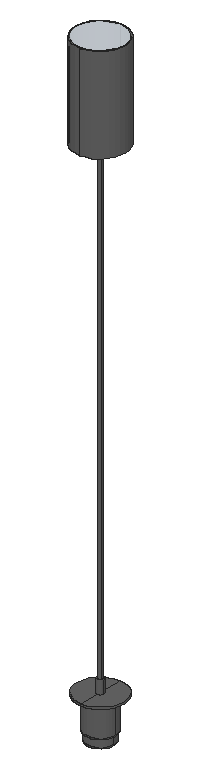
Revit family "LTC-6RDW-CM", category Lighting Fixtures, host Face, Revit 2021
Family settings
  Host = Face
  Round Connector Dimension = Use Diameter
  Part Type = Normal
  OmniClass Number = 23.80.70.11.14.11
  OmniClass Title = Downlights
  Cut with Voids When Loaded = No
  Light Source = Yes
  Shared = No
  Room Calculation Point = No
Parameters (values of type "LTC-6RDW-CMRMD")
  Wattage Comments = ""
  Wattage = 70 W
  Warranty = "• 5 years warranty"  # constant formula
  built-in parameter 1150110 = 1 (stored number, unit not read)
  Voltage = 120 V
  built-in parameter 1114217 = 1 (stored number, unit not read)
  Tilt Angle = -90.00°  # constant formula
  built-in parameter 1150109 = 1 (stored number, unit not read)
  built-in parameter 1150134 = 3
  built-in parameter 1150113 = 1 (stored number, unit not read)
  RMD = yes
  Photometric Web File = "LTC-6RD-P-20L35K8MD-DM1-S-BL.ies"
  Features = "• 6inch architectural LED downlight and wall wash cylinder\r\ndelivering 600 - 7000 lm\r\n• 4 beam distributions from 0.3 to 1.1 Spacing Criteria\r\n• Quiet reflector appearance with 50º optical cutoff\r\n• 2700K - 5000K, 80+ and 90+ CRI options\r\n• Available in Surface, Wall, Pendant, or Cord Mount configurations\r\n• Variety of dimming protocol options including 0-10V, DALI, DMX,\r\nForward Phase and EcoSystem\r"  # constant formula
  Cord Height = 72.000"
  built-in parameter 1150105 = 389.93 (stored number, unit not read)
  Lumens = 4900 lm
  built-in parameter 1150115 = 1 (stored number, unit not read)
  built-in parameter 1150137 = (empty or 0)
  built-in parameter 1150139 = (empty or 0)
  built-in parameter 1150112 = 1 (stored number, unit not read)
  built-in parameter 1150114 = 1 (stored number, unit not read)
  built-in parameter 1150132 = (empty or 0)
  built-in parameter 1150102 = (empty or 0)
  built-in parameter 1150107 = 3200 (stored number, unit not read)
  built-in parameter 1150138 = (empty or 0)
  built-in parameter 1150106 = 3.8993 (stored number, unit not read)
  Emit from Circle Diameter = 6.000"  # constant formula
  Emit Shape Visible in Rendering = no
  built-in parameter 1150104 = 6.5032 (stored number, unit not read)
  Dimming Lamp Color Temperature Shift = <None>
  Copyright = "Prescolite"  # constant formula
  Contact us = ""
  Color Filter = 16777215
  Certifications = "• cCSAus certified to UL 1598\r\n• Wall Mount: Suitable for wet locations\r\n• Surface & Pendant Mount: Suitable for wet\r\nlocations under covered ceiling\r\n• Cord Mount and all Wall Wash: Suitable for\r\ndamp locations"  # constant formula
  Canopy height = 0.260"
  Canopy Diameter = 7.000"
  CM = no
  built-in parameter 1114218 = 1 (stored number, unit not read)
  Ballast = Paint - Carbon Black
  URL = "https://www.currentlighting.com/prescolite"
  Product Page URL = ""
  Product Documentation Link = ""
  Model = "LTC-6RDW"  # constant formula
  Manufacturer = "Prescolite"  # constant formula
  Lamp = "LED Lamp"
  Reflector = Glass - Glass
  Description = "LITEISTRY™ 6inch Round Cylinder Downlight/Wall Wash"  # constant formula
  Default Elevation = 48.000"
  built-in parameter 1150133 = 10 (stored number, unit not read)
  Apparent Load = 72 VA  # constant formula
Types (5): name | RMD | Canopy height | Canopy Diameter | CM
  (no name) | yes | 0.260" | 7.000" | no
  LTC-6RDW-CMRMD | yes | 0.260" | 7.000" | no
  LTC-6RDW-CM | no | 0.350" | 5.600" | yes
  LTC-6RDW-CMCC | no | 3.000" | 7.500" | no
  LTC-6RDW-CMPC | no | 3.000" | 7.500" | yes
Reference planes (in)
  plane 1 "Center (Front/Back)": y = 0
  plane 2: z = 0
  plane 3 "Center (Left/Right)": x = 0
  plane 4: z = 72
  plane 5: z = 71.75
  plane 6: x = -1
  plane 7: x = 1
  plane 8: x = 3
  plane 9: x = -3
  plane 10: x = -2.75391
  plane 11: x = 2.75391
  plane 12: y = -3.5
  plane 13: y = 3.5
  plane 14: z = 0.26
  plane 15: z = 86
Forms (in)
  Revolve 1, solid, material "Paint - Carbon Black" <- "Ballast"
    sketch origin (0, 0, -5.91673) x (1, 0, 0) y (0, 0, 1)
      loop
        line (-0.5, 6.17673) -> (0, 6.17673) -> (0, 77.91673) -> (-0.38833, 77.91673) -> (-0.38833, 77.66673) -> (-0.25, 77.66673) -> (-0.25, 8.04387) -> (-0.5, 8.04387) -> (-0.5, 6.17673)
      axis (0, 77.91673) -> (0, 6.17673)
    angle from 0 to 360
  Revolve 2, solid, material "Paint - Carbon Black" <- "Ballast", visible <- "RMD"
    sketch origin (0, 0, 0) x (1, 0, 0) y (0, 0, 1)
      loop
        line (0, -6) -> (0, 0.00055) -> (-2.5, 0.00055) -> (-2.5, -0.43712)
        arc (-2.5, -0.43712) -> (-2.48175, -0.48119) -> (-2.43767, -0.49945) r 0.06233
        line (-2.43767, -0.49945) -> (-2.30081, -0.49945)
        arc (-2.30081, -0.49945) -> (-2.26488, -0.51433) -> (-2.25, -0.55026) r 0.05081
        line (-2.25, -0.55026) -> (-2.25, -4.55877)
        arc (-2.25, -4.55877) -> (-2.2306, -4.6056) -> (-2.18377, -4.625) r 0.06623
        line (-2.18377, -4.625) -> (-2.03463, -4.625)
        arc (-2.03463, -4.625) -> (-2.01014, -4.63514) -> (-2, -4.65963) r 0.03463
        line (-2, -4.65963) -> (-2, -5.88059)
        arc (-2, -5.88059) -> (-1.96503, -5.96503) -> (-1.88059, -6) r 0.11941
        line (-1.88059, -6) -> (0, -6)
      axis (0, 0.00055) -> (0, -6)
    angle from 0 to 360
  Revolve 3, solid, material "Paint - Carbon Black" <- "Ballast"
    sketch origin (0, 0, 0) x (0, 1, 0) y (0, 0, 1)
      loop
        line (0, 0) -> (0, 0.26) -> (-3.5, 0.26) -> (-3.5, 0) -> (0, 0)
      axis (0, 0.26) -> (0, 0)
    angle from 0 to 360
  Extrusion 4, solid, material "Paint - Carbon Black" <- "Ballast", visible <- "CM"
    sketch origin (7.83986, -180, 7.93836) x (-1, 0, 0) y (0, -1, 0)
      loop
        line (8.85023, -182.45) -> (9.86059, -180) -> (8.85023, -177.55) -> (6.8295, -177.55) -> (5.81914, -180) -> (6.8295, -182.45) -> (8.85023, -182.45)
    from -8.75868 to -7.93836
Dimensions and locks (in)
  "Cord Height": plane 4 to host face
  locked: plane 4 to plane 5 at 0.25
  plane 6 to plane 3 "Center (Left/Right)" to plane 7 = 1.000" locked, 1.000" locked
  host face to Revolve 2 sketch curve = 6.000"
  nested 1 to nested 1 = 7.33984"
  nested 1 to plane 4 = 14.000"
  "Canopy Diameter": plane 13 to plane 12
  equal spacing: plane 13, plane 1 "Center (Front/Back)", plane 12
  "Canopy height": plane 14 to plane 2
  locked: Revolve 1 sketch curve to Revolve 1 sketch curve at 1.86713
  locked: plane 15 to plane 4 at 14
  aligned and locked: plane 2 to host face
  aligned and locked: Revolve 1 sketch curve to plane 4
  aligned and locked: plane 5 to Revolve 1 sketch curve
  aligned and locked: plane 3 "Center (Left/Right)" to nested 1
  aligned and locked: nested 1 to plane 1 "Center (Front/Back)"
  aligned and locked: plane 3 "Center (Left/Right)" to imposter light
  aligned and locked: Revolve 3 sketch curve to plane 14
  aligned and locked: Revolve 3 sketch curve to plane 12
  aligned and locked: Revolve 3 sketch curve to plane 1 "Center (Front/Back)"
  aligned and locked: imposter light to plane 15
Automatic sketch dimensions
  host sketch curve to host sketch curve = 96.000"  (x2)
  Revolve 1 sketch curve to plane 3 "Center (Left/Right)" = 0.000"  (x2)
  Revolve 1 sketch curve to plane 3 "Center (Left/Right)" = 0.250"
  Revolve 1 sketch curve to Revolve 1 sketch curve = 0.13833"
  Revolve 1 sketch curve to Revolve 1 sketch curve = 0.250"
  Revolve 1 sketch curve to level = 13.75728"
  Revolve 1 sketch curve to Revolve 1 sketch curve = 7.74272"
  Revolve 2 sketch curve to plane 3 "Center (Left/Right)" = 0.000"  (x2)
  plane 10 to Revolve 2 sketch curve = 0.87332"
  Revolve 2 sketch curve to Revolve 2 sketch curve = 0.11941"
  Revolve 2 sketch curve to Revolve 2 sketch curve = 0.03463"
  Revolve 2 sketch curve to Revolve 2 sketch curve = 0.14914"
  Revolve 2 sketch curve to Revolve 2 sketch curve = 0.06623"
  Revolve 2 sketch curve to Revolve 2 sketch curve = 0.05081"
  Revolve 2 sketch curve to Revolve 2 sketch curve = 0.13687"
  level to Revolve 2 sketch curve = 0.00055"
  plane 10 to Revolve 2 sketch curve = 0.25391"
  Revolve 2 sketch curve to Revolve 2 sketch curve = 1.22096"
  Revolve 2 sketch curve to level = 0.55026"
  Revolve 2 sketch curve to Revolve 2 sketch curve = 17.63999"
  plane 4 to Revolve 2 sketch curve = 31.07883"
  Revolve 3 sketch curve to plane 1 "Center (Front/Back)" = 0.000"
  Revolve 3 sketch curve to level = 24.000"
  plane 4 to Revolve 3 sketch curve = 20.27586"
  Revolve 3 sketch curve to level = 0.000"
  Revolve 1 sketch curve to plane 14 = 0.000"
  plane 1 "Center (Front/Back)" to Extrusion 4 sketch curve = 0.000"  (x2)
  plane 7 to Extrusion 4 sketch curve = 1.02073"
  plane 7 to Extrusion 4 sketch curve = 0.01036"  (x2)
  Extrusion 4 sketch curve to plane 6 = 0.01036"  (x2)
  Extrusion 4 sketch curve to plane 6 = 1.02073"
  plane 13 to Extrusion 4 sketch curve = 1.050"
  Extrusion 4 sketch curve to plane 12 = 1.050"
Nested families (in)
  nested 1: "LTC" at (0, 0, 72) x (0, 1, 0) z (0, 0, 1), Ballast <- "Ballast", Reflector <- "Reflector", type "6"
    with Reflector Glass - Glass, Ballast Paint - Carbon Black
Connectors (in)
  electrical at (0, 0, 0), driven by "Description", driven by "Voltage", driven by "Apparent Load"
    settings: index 1, voltage 120 V, apparent load 72 VA, apparent load phase1 0 VA, apparent load phase2 0 VA, apparent load phase3 0 VA, power factor 1, load classification "Other", number of poles 1, system type 30, power factor state 1, is connector primary yes, connector utility no, sub classification motor no, connector description "LITEISTRY™ 6inch Round Cylinder Downlight/Wall Wash"
Definition of nested family "LTC"
  Parameters
    Width = 7.33984"
    Wattage Comments = ""
    Lamp = ""
    Ballast [instance] = none
    URL = ""
    Product Page URL = ""
    Product Documentation Link = ""
    Model = ""
    Manufacturer Phone = ""
    Manufacturer Fax = ""
    Manufacturer = "Prescolite"
    Reflector [instance] = none
    Description = ""
    Default Elevation = 48.000"
  Reference planes (in)
    plane 1 "Center (Front/Back)": y = 0
    plane 2: z = 0
    plane 3 "Center (Left/Right)": x = 0
    plane 4: y = 7.75
    plane 5: y = -7.75
    plane 6: x = -3.66992
    plane 7: x = 3.66992
    plane 8: z = 14
    plane 9: z = 0.125
    plane 10: x = 3.54492
    plane 11: z = 13.875
  Forms (in)
    Extrusion 1, solid
      sketch origin (0, 0, 0) x (1, 0, 0) y (0, 1, 0)
        loop
          line (-48, 48) -> (-48, -48) -> (48, -48) -> (48, 48) -> (-48, 48)
      from 0 to -6
    Extrusion 2, solid, material <- "Reflector"
      sketch origin (0, 0, 30.25) x (1, 0, 0) y (0, 1, 0)
        loop
          circle (0, 0) r 3.54492
      from -16.25 to -16.375
    Revolve 3, solid, material <- "Ballast"
      sketch origin (0, 0, -1.25) x (1, 0, 0) y (0, 0, 1)
        loop
          line (3.66992, 15.25) -> (3.54492, 15.25) -> (3.54492, 1.375) -> (0, 1.375) -> (0, 1.25) -> (3.66992, 1.25) -> (3.66992, 15.25)
        axis (0, 15.25) -> (0, 1.25)
      angle from 0 to 360
  Dimensions and locks (in)
    locked: plane 4 to plane 1 "Center (Front/Back)" at 7.75
    locked: plane 5 to plane 1 "Center (Front/Back)" at 7.75
    "Width": plane 7 to plane 6
    plane 8 to Extrusion 1 = 14.000"
    locked: plane 8 to plane 11 at 0.125
    locked: plane 7 to plane 10 at 0.125
    equal spacing: plane 7, plane 3 "Center (Left/Right)", plane 6
    locked: plane 9 to Extrusion 1 at 0.125
    aligned and locked: plane 2 to Extrusion 1
    aligned and locked: Revolve 3 sketch curve to plane 3 "Center (Left/Right)"
    aligned and locked: plane 8 to Revolve 3 sketch curve
    aligned and locked: plane 9 to Revolve 3 sketch curve
    aligned and locked: Revolve 3 to Extrusion 2
    aligned and locked: Extrusion 2 to plane 11
    aligned and locked: Extrusion 2 sketch curve to Revolve 3
    aligned and locked: Revolve 3 sketch curve to plane 10
    aligned and locked: Revolve 3 sketch curve to plane 7
  Automatic sketch dimensions
    Extrusion 1 sketch curve to Extrusion 1 sketch curve = 96.000"  (x2)
    Revolve 3 sketch curve to plane 3 "Center (Left/Right)" = 0.000"
    Revolve 3 sketch curve to level = 10.000"
    Revolve 3 sketch curve to Revolve 3 sketch curve = 8.000"
    Revolve 3 sketch curve to plane 9 = 0.125"
